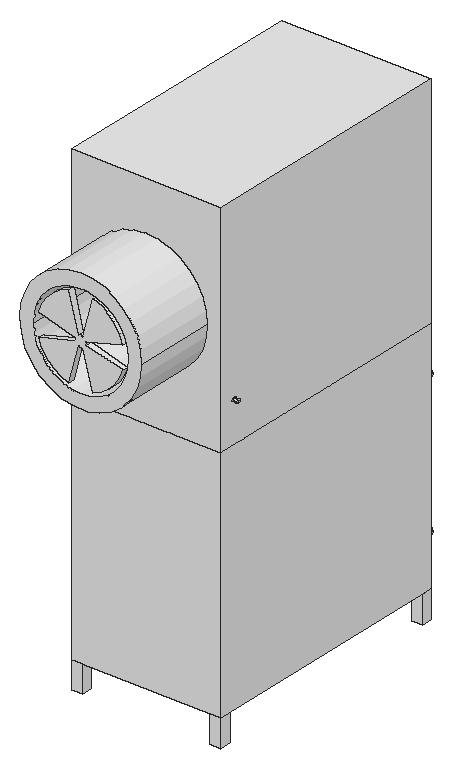
Revit family "MIT SK1013-500 - Cooling Tower ", category Specialty Equipment, Revit 2022
Family settings
  Round Connector Dimension = Use Diameter
  Part Type = Normal
  Work Plane-Based = Yes
  Always vertical = No
  Cut with Voids When Loaded = No
  Maintain Annotation Orientation = No
  Shared = No
  Room Calculation Point = No
Parameters (values of type "MLP 20 - 1.1 kW")
  URL = "https://en.ekinendustriyel.com/cooling-towers"
  Model = "MIT-SK1013 - 500"
  Manufacturer = "Ekin Endüstriyel"
  Keynote = "Cooling Towers"
  Description = "MIT-SK1013 500 - Cooling Towers"
  Default Elevation = 0 mm
Reference planes
  plane 1 "Center (Front/Back)": y = 0
  plane 2: z = 0
  plane 3 "Center (Left/Right)": x = 0
Forms (mm)
  Extrusion 1, solid, material "Ekin Endüstriyel_StainlesSteel", detail levels medium+fine
    sketch origin (0, 0, 0) x (1, 0, 0) y (0, 1, 0)
      loop
        line (-275, 485) -> (-275, -485) -> (275, -485) -> (275, 485) -> (-275, 485)
    from 975 to 1785
  Extrusion 2, solid, material "Ekin Endüstriyel_StainlesSteel", detail levels medium+fine
    sketch origin (0, 0, 0) x (1, 0, 0) y (0, 1, 0)
      loop
        line (-275, 485) -> (-275, -485) -> (275, -485) -> (275, 485) -> (-275, 485)
    from 100 to 975
  Extrusion 3, solid, material "Ekin Endüstriyel_StainlesSteel", detail levels coarse
    sketch origin (0, 0, 0) x (1, 0, 0) y (0, 1, 0)
      loop
        line (-275, 485) -> (-275, -485) -> (275, -485) -> (275, 485) -> (-275, 485)
    from 0 to 1785
  Extrusion 4, solid, material "Ekin Endüstriyel_StainlesSteel", detail levels coarse
    sketch origin (275, -485, 752.5) x (-1, 0, 0) y (0, 0, -1)
      loop
        circle (275, -627.5) r 225
    from 0 to 300
  Extrusion 5, solid, material "Ekin Endüstriyel_StainlesSteel", detail levels medium+fine
    sketch origin (275, -485, 752.5) x (-1, 0, 0) y (0, 0, -1)
      loop
        circle (275, -627.5) r 225
      loop
        circle (275, -627.5) r 175
    from 0 to 300
  Extrusion 6, solid, material "Ekin Endüstriyel_StainlesSteel", detail levels medium+fine
    sketch origin (-275, 485, 0) x (1, 0, 0) y (0, 0, -1)
      loop
        circle (275, -1747.961) r 17.145
      loop
        circle (275, -277.039) r 17.145
      loop
        circle (520, -277.039) r 19.05
      loop
        circle (520, -277.039) r 17.05
      loop
        circle (275, -277.039) r 15.145
      loop
        circle (275, -1747.961) r 15.145
      loop
        circle (520, -797.961) r 19.05
      loop
        circle (520, -797.961) r 17.05
    from 0 to 20
  Extrusion 7, solid, material "Ekin Endüstriyel_StainlesSteel", detail levels medium+fine
    sketch origin (275, 635, 875) x (0, -1, 0) y (0, 0, -1)
      loop
        circle (1062.805, -253.187) r 6.35
      loop
        circle (1062.805, -253.187) r 4.35
    from 0 to 20
  Extrusion 8, solid, material "Ekin Endüstriyel_StainlesSteel", detail levels coarse
    sketch origin (275, 635, 875) x (0, -1, 0) y (0, 0, -1)
      loop
        circle (1062.805, -253.187) r 6.35
    from 0 to 20
  Extrusion 9, solid, material "Ekin Endüstriyel_StainlesSteel", detail levels coarse
    sketch origin (-275, 485, 0) x (1, 0, 0) y (0, 0, -1)
      loop
        circle (275, -1747.961) r 17.145
      loop
        circle (275, -277.039) r 17.145
      loop
        circle (520, -277.039) r 19.05
      loop
        circle (520, -797.961) r 19.05
    from 0 to 20
  Extrusion 10, solid, material "Ekin Endüstriyel_StainlesSteel", detail levels medium+fine
    sketch origin (0, 0, 0) x (1, 0, 0) y (0, 1, 0)
      loop
        line (-275, 485) -> (-275, 445) -> (-235, 445) -> (-235, 485) -> (-275, 485)
      loop
        line (-275, -485) -> (-235, -485) -> (-235, -445) -> (-275, -445) -> (-275, -485)
      loop
        line (275, 485) -> (235, 485) -> (235, 445) -> (275, 445) -> (275, 485)
      loop
        line (275, -485) -> (275, -445) -> (235, -445) -> (235, -485) -> (275, -485)
    from 0 to 100
  Extrusion 11, solid, material "Ekin Endüstriyel_StainlesSteel", detail levels fine
    sketch origin (275, -785, 752.5) x (-1, 0, 0) y (0, 0, -1)
      loop
        arc (429.548, -586.089) -> (389.202, -515.438) -> (319.327, -473.763) r 160
        line (319.327, -473.763) -> (283.04, -609.187)
        arc (283.04, -609.187) -> (290.175, -614.472) -> (294.319, -622.324) r 20
        line (294.319, -622.324) -> (429.548, -586.089)
      loop
        arc (255.681, -622.324) -> (259.825, -614.472) -> (266.96, -609.187) r 20
        line (266.96, -609.187) -> (230.673, -473.763)
        arc (230.673, -473.763) -> (160.798, -515.438) -> (120.452, -586.089) r 160
        line (120.452, -586.089) -> (255.681, -622.324)
      loop
        arc (294.319, -632.676) -> (290.175, -640.528) -> (283.04, -645.813) r 20
        line (283.04, -645.813) -> (319.327, -781.237)
        arc (319.327, -781.237) -> (389.202, -739.562) -> (429.548, -668.911) r 160
        line (429.548, -668.911) -> (294.319, -632.676)
      loop
        line (255.681, -632.676) -> (120.452, -668.911)
        arc (120.452, -668.911) -> (160.798, -739.562) -> (230.673, -781.237) r 160
        line (230.673, -781.237) -> (266.96, -645.813)
        arc (266.96, -645.813) -> (259.825, -640.528) -> (255.681, -632.676) r 20
    from 0 to -20.256
  Extrusion 12, solid, material "Ekin Endüstriyel_StainlesSteel", detail levels fine
    sketch origin (275, -785, 752.5) x (-1, 0, 0) y (0, 0, -1)
      loop
        circle (275, -627.5) r 20
    from 0 to -300
Cuts and joins
  joined: Extrusion 11, Extrusion 12
Dimensions and locks
  equal spacing: Extrusion 1 sketch curve, plane 3 "Center (Left/Right)", Extrusion 1 sketch curve
  Extrusion 1 sketch curve to plane 3 "Center (Left/Right)" = 275 mm
  equal spacing: Extrusion 1 sketch curve, plane 1 "Center (Front/Back)", Extrusion 1 sketch curve
  plane 1 "Center (Front/Back)" to Extrusion 1 sketch curve = 485 mm
  Extrusion 2 sketch curve to Extrusion 2 sketch curve = 550 mm
  Extrusion 2 sketch curve to Extrusion 2 sketch curve = 970 mm
  Extrusion 3 sketch curve to Extrusion 3 sketch curve = 550 mm
  Extrusion 3 sketch curve to Extrusion 3 sketch curve = 970 mm
  Extrusion 3 to Extrusion 3 = 550 mm
  Extrusion 3 to Extrusion 3 = 970 mm
  aligned and locked: level to plane 2
  aligned and locked: Extrusion 3 to Extrusion 1  (x2)
  aligned and locked: Extrusion 2 to Extrusion 1
  aligned and locked: Extrusion 3 to Extrusion 2
  aligned and locked: Extrusion 4 to Extrusion 5
  aligned and locked: Extrusion 4 to Extrusion 3
  aligned and locked: Extrusion 5 to Extrusion 3
  aligned and locked: Extrusion 10 to Extrusion 2
  aligned and locked: cut or joined group of Extrusion 11, Extrusion 12 to Extrusion 3
Connectors
  piping at (295, -427.805, 1128.187), diameter 12.7
    settings: on Extrusion 7, index 1, connector inside diameter 609.6 mm, connector length 0 mm, flow factor 0, pipe flow 0.0 m³/h, pressure drop 0.0 bar, fitting loss kfactor 0, connector angle 0.00°, fixture units 0, engagement length 0 mm, angle of deflection 0.00°, flow configuration 0, flow direction 0, fitting loss method 0, system type 7, joint type 0, gender type 0, connector reference index -1, connector utility 0, adjustable connector no, is connector primary yes, connector description ""
  piping at (245, 505, 277.039), diameter 38.1
    settings: on Extrusion 6, index 2, connector inside diameter 609.6 mm, connector length 0 mm, flow factor 0, pipe flow 0.0 m³/h, pressure drop 0.0 bar, fitting loss kfactor 0, connector angle 0.00°, fixture units 0, engagement length 0 mm, angle of deflection 0.00°, flow configuration 0, flow direction 0, fitting loss method 0, system type 7, joint type 0, gender type 0, connector reference index -1, connector utility 0, adjustable connector no, is connector primary no, connector description ""
  piping at (0, 505, 277.039), diameter 31.8
    settings: on Extrusion 6, index 3, connector inside diameter 609.6 mm, connector length 0 mm, flow factor 0, pipe flow 0.0 m³/h, pressure drop 0.0 bar, fitting loss kfactor 0, connector angle 0.00°, fixture units 0, engagement length 0 mm, angle of deflection 0.00°, flow configuration 0, flow direction 0, fitting loss method 0, system type 7, joint type 0, gender type 0, connector reference index -1, connector utility 0, adjustable connector no, is connector primary no, connector description ""
  piping at (0, 505, 1747.961), diameter 31.8
    settings: on Extrusion 6, index 4, connector inside diameter 609.6 mm, connector length 0 mm, flow factor 0, pipe flow 0.0 m³/h, pressure drop 0.0 bar, fitting loss kfactor 0, connector angle 0.00°, fixture units 0, engagement length 0 mm, angle of deflection 0.00°, flow configuration 0, flow direction 0, fitting loss method 0, system type 7, joint type 0, gender type 0, connector reference index -1, connector utility 0, adjustable connector no, is connector primary no, connector description ""
  piping at (245, 505, 797.961), diameter 38.1
    settings: on Extrusion 6, index 5, connector inside diameter 609.6 mm, connector length 0 mm, flow factor 0, pipe flow 0.0 m³/h, pressure drop 0.0 bar, fitting loss kfactor 0, connector angle 0.00°, fixture units 0, engagement length 0 mm, angle of deflection 0.00°, flow configuration 0, flow direction 0, fitting loss method 0, system type 7, joint type 0, gender type 0, connector reference index -1, connector utility 0, adjustable connector no, is connector primary no, connector description ""
